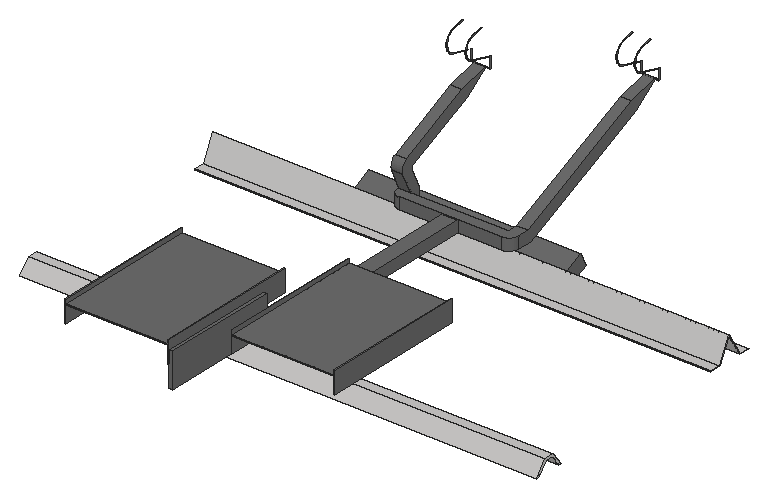
Revit family "Site_Accessories-Bike_Ovella-Systems-Oy_Compact_N", category Specialty Equipment, host Face, Revit 2023
Family settings
  Host = Face
  Round Connector Dimension = Use Diameter
  Part Type = Normal
  OmniClass Number = 23.11.29.11.11
  OmniClass Title = Bicycle Racks
  Enable Cutting in Views = Yes
  Cut with Voids When Loaded = No
  Maintain Annotation Orientation = No
  Shared = No
  Room Calculation Point = No
Parameters (values of type "Compact")
  z_Real Count [instance] = if(Count < 2, 2, Count)  # 2
  z_Length [instance] = if(Count > 1, (z_Real Count * Length) + ((z_Real Count - 1) * Distance) + 300 mm, Length + ((z_Real Count - 1) * Distance) + 300 mm)  # 795 mm
  z_Count Array [instance] = if(Count > 1, 1 = 1, 1 = 2)  # no
  z_Count 1 [instance] = if(Count < 2, 1 = 1, 1 = 2)  # yes
  Width = 275 mm  # constant formula
  Version = 1
  URL = "https://www.ovella.fi"
  Product data url = ""
  Product Page URL = "https://www.ovella.fi/compact"
  Product Material = Ovella Systems Oy - Metal - Steel - Black
  Model = "Compact"  # constant formula
  Manufacturer = "Ovella Systems Oy"  # constant formula
  Length = 450 mm  # constant formula
  Height = 1125 mm  # constant formula
  Distance = 45 mm  # constant formula
  Default Elevation = 580 mm
  Date Updated = ""
  Date Created = "2025/12/05"  # constant formula
  Count [instance] = 1
  Clearance [instance] = no
Reference planes
  plane 1: y = 0
  plane 2: z = 0
  plane 3 "Center (Left/Right)": x = 0
  plane 4: x = 270
  plane 5: y = 1300
  plane 6: x = 225
  plane 7: x = -225
  plane 8: x = -525
  plane 9: x = 570
  plane 10: z = 1200
  plane 11: y = 2062.638
  plane 12 "Center (Front/Back)": y = 580.096
Forms (mm)
  Extrusion 1, solid, material "Ovella Systems Oy - Metal - Steel"
    sketch origin (0, 0, 0) x (0, 1, 0) y (0, 0, 1)
      loop
        line (858.908, 27.452) -> (837.452, 0) -> (843.798, 0) -> (861.346, 22.452) -> (878.654, 22.452) -> (896.202, 0) -> (902.548, 0) -> (881.092, 27.452) -> (858.908, 27.452)
      loop
        line (1347.238, 49.603) -> (1323.177, 1) -> (1300, 1) -> (1300, 0) -> (1323.798, 0) -> (1347.328, 47.53) -> (1376.202, 0) -> (1399, 0) -> (1399, 1) -> (1376.764, 1) -> (1347.238, 49.603)
    from -525 to 570
  Extrusion 2, solid, material "Clearance", visible <- "Clearance"
    sketch origin (0, 0, 0) x (1, 0, 0) y (0, 0, 1)
      loop
        line (570, 0) -> (570, 1200) -> (-525, 1200) -> (-525, 0) -> (570, 0)
    from -2062.638 to 0
Lines and regions (mm)
  symbolic lines, style "Clearance", visible <- "Clearance"
    curve 1: line (570, 0, 1200) -> (-525, 0, 1200)
    curve 2: line (-525, 0, 1200) -> (-525, 0, 0)
    curve 3: line (-525, 0, 0) -> (570, 0, 0)
    curve 4: line (570, 0, 0) -> (570, 0, 1200)
Dimensions and locks
  locked: plane 1 to plane 5 at 1300  (x2)
  locked: plane 3 "Center (Left/Right)" to plane 6 at 225
  "Distance": plane 6 to plane 4
  locked: plane 7 to plane 3 "Center (Left/Right)" at 225
  locked: plane 8 to plane 7 at 300
  "z_Length": plane 7 to plane 9
  group 1 to group 2 = 495 mm
  group 1 to group 2 = 0 mm  (x2)
  locked: plane 10 to level at 1200
  locked: plane 1 to plane 11 at 2062.638
  locked: plane 12 "Center (Front/Back)" to plane 5 at 719.904
  aligned and locked: host face to plane 2
  aligned and locked: host face to level
  aligned and locked: Extrusion 1 to plane 8
  aligned and locked: plane 9 to Extrusion 1
  aligned and locked: nested 1 to plane 3 "Center (Left/Right)"
  aligned and locked: plane 4 to nested 2
  aligned and locked: Extrusion 2 sketch curve to plane 8
  aligned and locked: plane 9 to Extrusion 2 sketch curve
  aligned and locked: plane 10 to Extrusion 2 sketch curve
  aligned and locked: plane 1 to Extrusion 2
  aligned and locked: Extrusion 2 to plane 11
  aligned and locked: Extrusion 2 sketch curve to level
  aligned and locked: nested 3 to plane 3 "Center (Left/Right)"
Automatic sketch dimensions
  host sketch curve to host sketch curve = 3027.677 mm
  host sketch curve to host sketch curve = 1800 mm
  Extrusion 1 sketch curve to level = 0 mm  (x4)
  Extrusion 1 sketch curve to plane 5 = 0 mm
  Extrusion 1 sketch curve to Extrusion 1 sketch curve = 397.452 mm
  Extrusion 1 sketch curve to Extrusion 1 sketch curve = 6.346 mm  (x2)
  Extrusion 1 sketch curve to Extrusion 1 sketch curve = 15.11 mm
  Extrusion 1 sketch curve to Extrusion 1 sketch curve = 2.438 mm  (x2)
  level to Extrusion 1 sketch curve = 22.452 mm
  Extrusion 1 sketch curve to Extrusion 1 sketch curve = 17.308 mm
  level to Extrusion 1 sketch curve = 27.452 mm
  Extrusion 1 sketch curve to Extrusion 1 sketch curve = 17.548 mm
  level to Extrusion 1 sketch curve = 1 mm  (x2)
  Extrusion 1 sketch curve to plane 5 = 23.177 mm
  Extrusion 1 sketch curve to Extrusion 1 sketch curve = 0.621 mm
  Extrusion 1 sketch curve to plane 5 = 47.238 mm
  Extrusion 1 sketch curve to Extrusion 1 sketch curve = 0.089 mm
  Extrusion 1 sketch curve to Extrusion 1 sketch curve = 52.404 mm
  Extrusion 1 sketch curve to Extrusion 1 sketch curve = 0.563 mm
  Extrusion 1 sketch curve to Extrusion 1 sketch curve = 22.236 mm
  level to Extrusion 1 sketch curve = 47.53 mm
  Extrusion 1 sketch curve to Extrusion 1 sketch curve = 2.073 mm
  curve 1 to plane 8 = 0 mm
  curve 1 to plane 9 = 0 mm
  curve 2 to level = 0 mm
  curve 2 to curve 2 = 1200 mm
Nested families
  nested 1: "Compact_1" at (157.877, 580.096, 0) x (0, 0, 1) z (0, 1, 0), visible <- "z_Count Array", type "Compact_1"
  nested 2: "Compact_1" at (652.877, 580.096, 0) x (0, 0, 1) z (0, 1, 0), visible <- "z_Count Array", type "Compact_1"
  nested 3: "Compact_1" at (157.877, 580.096, 0) x (0, 0, 1) z (0, 1, 0), visible <- "z_Count 1", type "Compact_1"
Definition of nested family "Compact_1"
  Parameters (values of type "Compact_1")
    Material = none
    Default Elevation = 1219.2 mm
  Reference planes
    plane 1 "Center (Front/Back)": y = 0
    plane 2: z = 0
    plane 3 "Center (Left/Right)": x = 0
    plane 4: y = -157.877
    plane 5: y = -382.877
    plane 6: y = 67.123
  Forms (mm)
    Extrusion 1, solid, material <- "Material", detail levels fine
      sketch origin (0, 0, 0) x (1, 0, 0) y (0, 0, 1)
        loop
          line (83.702, 463.235) -> (83.702, 154.412) -> (129.135, 154.412) -> (129.135, 463.235) -> (83.702, 463.235)
      from -67.123 to 153.465
    Extrusion 2, solid, material <- "Material", detail levels fine
      sketch origin (0, 0, 0) x (1, 0, 0) y (0, 0, 1)
        loop
          line (129.135, 308.824) -> (129.135, 0) -> (174.567, 0) -> (174.567, 308.824) -> (129.135, 308.824)
      from 162.288 to 382.877
    Extrusion 3, solid, material <- "Material", not visible
      sketch origin (0, 0, 0) x (1, 0, 0) y (0, 0, 1)
        loop
          line (22.452, 298.558) -> (22.452, 281.25) -> (0, 263.702) -> (0, 257.356) -> (27.452, 278.812) -> (27.452, 300.996) -> (0, 322.452) -> (0, 316.106) -> (22.452, 298.558)
      from -67.123 to 382.877
    Extrusion 4, solid, material <- "Material", not visible
      sketch origin (0, 0, 0) x (1, 0, 0) y (0, 0, 1)
        loop
          line (47.53, 767.231) -> (0, 743.702) -> (0, 719.904) -> (1, 719.904) -> (1, 743.081) -> (49.603, 767.142) -> (1, 796.668) -> (1, 818.904) -> (0, 818.904) -> (0, 796.106) -> (47.53, 767.231)
      from -67.123 to 382.877
    Extrusion 5, solid, material <- "Material", detail levels fine
      sketch origin (0, 0, 0) x (1, 0, 0) y (0, 0, 1)
        loop
          line (83.702, 765.734) -> (126.258, 746.341)
          arc (126.258, 746.341) -> (141.151, 745.82) -> (152.05, 755.984) r 19.471
          line (152.05, 755.984) -> (218.996, 902.883) -> (235.084, 966.877) -> (198.365, 915) -> (133.545, 772.764)
          arc (133.545, 772.764) -> (129.781, 769.254) -> (124.638, 769.434) r 6.724
          line (124.638, 769.434) -> (83.702, 788.089) -> (83.702, 765.734)
      from 262.02 to 285.818
    Extrusion 6, solid, material <- "Material", detail levels fine
      sketch origin (0, 0, 0) x (1, 0, 0) y (0, 0, 1)
        loop
          line (83.702, 788.602) -> (208.409, 1062.247) -> (224.496, 1126.242) -> (186.754, 1072.116) -> (59.904, 793.77) -> (59.904, 776.923) -> (83.702, 776.923) -> (83.702, 788.602)
      from 29.935 to 53.733
    Extrusion 7, solid, material <- "Material", detail levels fine
      sketch origin (0, 0, 0) x (0, 1, 0) y (0, 0, 1)
        loop
          line (-29.935, 788.12) -> (-53.733, 788.12) -> (-53.733, 765.721) -> (-262.02, 765.721) -> (-262.02, 788.12) -> (-285.818, 788.12) -> (-285.818, 761.923)
          arc (-285.818, 761.923) -> (-279.96, 747.781) -> (-265.818, 741.923) r 20
          line (-265.818, 741.923) -> (-49.935, 741.923)
          arc (-49.935, 741.923) -> (-35.793, 747.781) -> (-29.935, 761.923) r 20
          line (-29.935, 761.923) -> (-29.935, 788.12)
      from 59.904 to 83.702
    Extrusion 8, solid, material <- "Material"
      sketch origin (0, 0, 0) x (0, 1, 0) y (0, 0, 1)
        loop
          line (-174.102, 741.923) -> (-174.102, 281.25) -> (-141.651, 281.25) -> (-141.651, 741.923) -> (-174.102, 741.923)
      from 59.904 to 83.702
    Extrusion 9, solid, material <- "Material"
      sketch origin (0, 0, 0) x (1, 0, 0) y (0, 0, 1)
        loop
          line (27.452, 298.558) -> (27.452, 281.25) -> (83.702, 281.25) -> (83.702, 298.558) -> (27.452, 298.558)
      from 141.651 to 174.102
    Extrusion 10, solid, material <- "Material"
      sketch origin (0, 0, 0) x (1, 0, 0) y (0, 0, 1)
        loop
          line (21.004, 784.516) -> (47.953, 768.145) -> (65.635, 806.346) -> (36.105, 819.804) -> (21.004, 784.516)
      from -67.123 to 382.877
    Extrusion 11, solid, material <- "Material"
      sketch origin (0, 0, 0) x (1, 0, 0) y (0, 1, 0)
        loop
          line (156.501, -153.465) -> (83.702, -153.465) -> (83.702, -162.288) -> (156.501, -162.288) -> (156.501, -153.465)
      from 0 to 250
    Extrusion 12, solid, material <- "Material", detail levels fine
      sketch origin (0, 0, 0.242) x (1, 0, 0) y (0, 0, 1)
        loop
          line (224.184, 1125) -> (245.819, 1125) -> (257.922, 1078.493)
          arc (257.922, 1078.493) -> (281.808, 1060.249) -> (305.263, 1079.044) r 24.388
          line (305.263, 1079.044) -> (310.777, 1102.456) -> (309.749, 1102.456) -> (304.289, 1079.274)
          arc (304.289, 1079.274) -> (281.796, 1061.249) -> (258.89, 1078.745) r 23.388
          line (258.89, 1078.745) -> (246.592, 1126) -> (224.184, 1126) -> (224.184, 1125)
      from 60.5 to 61.488
    Extrusion 13, solid, material <- "Material", detail levels fine
      sketch origin (0, -83.669, 0.242) x (1, 0, 0) y (0, 0, -1)
        loop
          line (224.184, -1125) -> (224.184, -1126) -> (246.592, -1126) -> (258.89, -1078.745)
          arc (258.89, -1078.745) -> (281.796, -1061.249) -> (304.289, -1079.274) r 23.388
          line (304.289, -1079.274) -> (309.749, -1102.456) -> (310.777, -1102.456) -> (305.263, -1079.044)
          arc (305.263, -1079.044) -> (281.808, -1060.249) -> (257.922, -1078.493) r 24.388
          line (257.922, -1078.493) -> (245.819, -1125) -> (224.184, -1125)
      from 60.5 to 61.488
    Extrusion 14, solid, material <- "Material", detail levels fine
      sketch origin (0, 0, 0) x (0, 1, 0) y (0, 0, 1)
        loop
          line (-22.18, 1125.242) -> (-22.18, 1126.242) -> (-61.488, 1126.242) -> (-61.488, 1125.242) -> (-22.18, 1125.242)
      from 224.184 to 223.2
    Extrusion 15, solid, material <- "Material", detail levels fine
      sketch origin (11.176, -233.073, -159.123) x (1, 0, 0) y (0, 0, 1)
        loop
          line (224.184, 1125) -> (245.819, 1125) -> (257.922, 1078.493)
          arc (257.922, 1078.493) -> (281.808, 1060.249) -> (305.263, 1079.044) r 24.388
          line (305.263, 1079.044) -> (310.777, 1102.456) -> (309.749, 1102.456) -> (304.289, 1079.274)
          arc (304.289, 1079.274) -> (281.796, 1061.249) -> (258.89, 1078.745) r 23.388
          line (258.89, 1078.745) -> (246.592, 1126) -> (224.184, 1126) -> (224.184, 1125)
      from 60.5 to 61.488
    Extrusion 16, solid, material <- "Material", detail levels fine
      sketch origin (11.176, -233.073, -159.364) x (0, 1, 0) y (0, 0, 1)
        loop
          line (-20.204, 1125.242) -> (-20.204, 1126.242) -> (-61.488, 1126.242) -> (-61.488, 1125.242) -> (-20.204, 1125.242)
      from 224.184 to 223.2
    Extrusion 17, solid, material <- "Material", detail levels fine
      sketch origin (11.176, -314.765, -159.123) x (1, 0, 0) y (0, 0, -1)
        loop
          line (224.184, -1125) -> (224.184, -1126) -> (246.592, -1126) -> (258.89, -1078.745)
          arc (258.89, -1078.745) -> (281.796, -1061.249) -> (304.289, -1079.274) r 23.388
          line (304.289, -1079.274) -> (309.749, -1102.456) -> (310.777, -1102.456) -> (305.263, -1079.044)
          arc (305.263, -1079.044) -> (281.808, -1060.249) -> (257.922, -1078.493) r 24.388
          line (257.922, -1078.493) -> (245.819, -1125) -> (224.184, -1125)
      from 60.5 to 61.488
    Extrusion 18, void
      sketch origin (0, 0, 0) x (1, 0, 0) y (0, 1, 0)
        loop
          line (114.567, -380.877) -> (164.567, -380.877) -> (164.567, -164.288) -> (114.567, -164.288) -> (114.567, -380.877)
        loop
          line (166.567, -380.877) -> (184.567, -380.877) -> (184.567, -164.288) -> (166.567, -164.288) -> (166.567, -380.877)
        loop
          line (69.135, -151.465) -> (119.135, -151.465) -> (119.135, 65.123) -> (69.135, 65.123) -> (69.135, -151.465)
        loop
          line (121.135, -151.465) -> (139.135, -151.465) -> (139.135, 65.123) -> (121.135, 65.123) -> (121.135, -151.465)
      from 0 to 477.055
    Extrusion 19, solid, material <- "Material", detail levels coarse+medium
      sketch origin (0, 0, 0) x (1, 0, 0) y (0, 1, 0)
        loop
          line (129.135, -382.877) -> (174.567, -382.877) -> (174.567, -162.288) -> (129.135, -162.288) -> (129.135, -382.877)
      from 0 to 308.824
    Extrusion 20, solid, material <- "Material", detail levels coarse+medium
      sketch origin (0, 0, 0) x (1, 0, 0) y (0, 1, 0)
        loop
          line (83.702, -153.465) -> (129.135, -153.465) -> (129.135, 67.123) -> (83.702, 67.123) -> (83.702, -153.465)
      from 154.412 to 463.235
    Extrusion 21, solid, material <- "Material", detail levels coarse+medium
      sketch origin (0, 0, 0) x (0, 1, 0) y (0, 0, 1)
        loop
          line (-29.935, 788.12) -> (-53.733, 788.12) -> (-53.733, 765.721) -> (-262.02, 765.721) -> (-262.02, 788.12) -> (-285.818, 788.12) -> (-285.818, 741.923) -> (-29.935, 741.923) -> (-29.935, 788.12)
      from 59.904 to 83.702
    Extrusion 22, solid, material <- "Material", detail levels coarse+medium
      sketch origin (0, 0, 0) x (1, 0, 0) y (0, 0, 1)
        loop
          line (83.702, 765.734) -> (143.976, 738.266) -> (245.911, 961.943) -> (224.256, 971.812) -> (130.756, 766.645) -> (83.702, 788.089) -> (83.702, 765.734)
      from 262.02 to 285.818
    Extrusion 23, solid, material <- "Material", detail levels coarse+medium
      sketch origin (0, 0, 0) x (1, 0, 0) y (0, 0, 1)
        loop
          line (83.702, 788.602) -> (235.324, 1121.307) -> (213.669, 1131.176) -> (59.904, 793.77) -> (59.904, 776.923) -> (83.702, 776.923) -> (83.702, 788.602)
      from 29.935 to 53.733
    Extrusion 24, solid, material <- "Material", detail levels coarse+medium
      sketch origin (0, 0, -0.156) x (1, 0, 0) y (0, 0, 1)
        loop
          line (223.2, 1126.242) -> (223.2, 1125.242) -> (245.819, 1125.242) -> (262.67, 1060.491) -> (300.836, 1060.491) -> (310.777, 1102.698) -> (309.749, 1102.698) -> (300.044, 1061.49) -> (263.443, 1061.49) -> (246.592, 1126.242) -> (223.2, 1126.242)
      from 22.18 to 23.169
    Extrusion 25, solid, material <- "Material", detail levels coarse+medium
      sketch origin (0, -83.669, -0.156) x (1, 0, 0) y (0, 0, -1)
        loop
          line (223.2, -1126.242) -> (246.592, -1126.242) -> (263.443, -1061.49) -> (300.044, -1061.49) -> (309.749, -1102.698) -> (310.777, -1102.698) -> (300.836, -1060.491) -> (262.67, -1060.491) -> (245.819, -1125.242) -> (223.2, -1125.242) -> (223.2, -1126.242)
      from 22.18 to 23.169
    Extrusion 26, solid, material <- "Material", detail levels coarse+medium
      sketch origin (0, 0, -0.156) x (0, 1, 0) y (0, 0, 1)
        loop
          line (-22.18, 1125.242) -> (-22.18, 1126.242) -> (-61.488, 1126.242) -> (-61.488, 1125.242) -> (-22.18, 1125.242)
      from 224.184 to 223.2
    Extrusion 27, solid, material <- "Material", detail levels coarse+medium
      sketch origin (11.176, -316.741, -160.001) x (1, 0, 0) y (0, 0, -1)
        loop
          line (223.2, -1126.242) -> (246.592, -1126.242) -> (263.443, -1061.49) -> (300.044, -1061.49) -> (309.749, -1102.698) -> (310.777, -1102.698) -> (300.836, -1060.491) -> (262.67, -1060.491) -> (245.819, -1125.242) -> (223.2, -1125.242) -> (223.2, -1126.242)
      from 22.18 to 23.169
    Extrusion 28, solid, material <- "Material", detail levels coarse+medium
      sketch origin (11.176, -231.096, -160.001) x (1, 0, 0) y (0, 0, 1)
        loop
          line (223.2, 1126.242) -> (223.2, 1125.242) -> (245.819, 1125.242) -> (262.67, 1060.491) -> (300.836, 1060.491) -> (310.777, 1102.698) -> (309.749, 1102.698) -> (300.044, 1061.49) -> (263.443, 1061.49) -> (246.592, 1126.242) -> (223.2, 1126.242)
      from 22.18 to 23.169
    Extrusion 29, solid, material <- "Material", detail levels coarse+medium
      sketch origin (11.176, -233.073, -160.001) x (0, 1, 0) y (0, 0, 1)
        loop
          line (-20.204, 1125.242) -> (-20.204, 1126.242) -> (-61.488, 1126.242) -> (-61.488, 1125.242) -> (-20.204, 1125.242)
      from 224.184 to 223.2
  Cuts and joins
    joined: Extrusion 8, Extrusion 9
    joined: Extrusion 5, Extrusion 6, Extrusion 7
    joined: Extrusion 12, Extrusion 13, Extrusion 14
    joined: Extrusion 15, Extrusion 16, Extrusion 17
    Extrusion 18 cuts Extrusion 2
    Extrusion 18 cuts Extrusion 1
    joined: Extrusion 21, Extrusion 22, Extrusion 23, Extrusion 24, Extrusion 25, Extrusion 26, Extrusion 27, Extrusion 28, Extrusion 29
  Lines and regions (mm)
    Masking region 1, detail levels fine
      outline origin (0, 0, 0) x (1, 0, 0) y (0, 1, 0)
        loop
          line (83.702, 67.123) -> (83.702, 65.123) -> (119.135, 65.123) -> (119.135, -151.465) -> (83.702, -151.465) -> (83.702, -153.465) -> (129.135, -153.465) -> (129.135, -151.465) -> (121.135, -151.465) -> (121.135, 65.123) -> (129.135, 65.123) -> (129.135, 67.123) -> (83.702, 67.123)
        loop
          line (129.135, -162.288) -> (129.135, -164.288) -> (164.567, -164.288) -> (164.567, -380.877) -> (129.135, -380.877) -> (129.135, -382.877) -> (174.567, -382.877) -> (174.567, -380.877) -> (166.567, -380.877) -> (166.567, -164.288) -> (174.567, -164.288) -> (174.567, -162.288) -> (129.135, -162.288)
    Masking region 2
      outline origin (0, 0, 0) x (1, 0, 0) y (0, 1, 0)
        loop
          line (223.2, -22.18) -> (223.2, -61.488) -> (310.777, -61.488) -> (310.777, -60.5) -> (224.184, -60.5) -> (224.184, -23.169) -> (310.777, -23.169) -> (310.777, -22.18) -> (223.2, -22.18)
        loop
          line (234.376, -253.276) -> (234.376, -292.584) -> (321.953, -292.584) -> (321.953, -291.596) -> (235.36, -291.596) -> (235.36, -254.265) -> (321.953, -254.265) -> (321.953, -253.276) -> (234.376, -253.276)
        loop
          line (21.004, 67.123) -> (21.004, -382.877) -> (65.635, -382.877) -> (65.635, 67.123) -> (21.004, 67.123)
        loop
          line (156.501, -162.288) -> (156.501, -153.465) -> (83.702, -153.465) -> (83.702, -162.288) -> (156.501, -162.288)
    Masking region 3
      outline origin (0, 0, 0) x (1, 0, 0) y (0, 1, 0)
        loop
          line (83.702, -53.733) -> (65.635, -53.733) -> (65.635, -262.02) -> (83.702, -262.02) -> (83.702, -53.733)
    Masking region 4, detail levels coarse+medium
      outline origin (0, 0, 0) x (1, 0, 0) y (0, 1, 0)
        loop
          line (83.702, 67.123) -> (83.702, -153.465) -> (129.135, -153.465) -> (129.135, 67.123) -> (83.702, 67.123)
        loop
          line (129.135, -162.288) -> (129.135, -382.877) -> (174.567, -382.877) -> (174.567, -162.288) -> (129.135, -162.288)
    Masking region 5, detail levels fine
      outline origin (0, 0, 0) x (1, 0, 0) y (0, 1, 0)
        loop
          line (223.2, -29.935) -> (65.635, -29.935) -> (65.635, -53.733) -> (223.2, -53.733) -> (223.2, -29.935)
        loop
          line (234.376, -262.02) -> (65.635, -262.02) -> (65.635, -285.818) -> (234.376, -285.818) -> (234.376, -262.02)
    Masking region 6
      outline origin (0, 0, 0) x (1, 0, 0) y (0, 1, 0)
        loop
          line (235.324, -29.935) -> (224.184, -29.935) -> (224.184, -53.733) -> (235.324, -53.733) -> (235.324, -29.935)
        loop
          line (65.635, -53.733) -> (223.2, -53.733) -> (223.2, -29.935) -> (65.635, -29.935) -> (65.635, -53.733)
        loop
          line (245.911, -262.02) -> (235.36, -262.02) -> (235.36, -285.818) -> (245.911, -285.818) -> (245.911, -262.02)
        loop
          line (65.635, -285.818) -> (234.376, -285.818) -> (234.376, -262.02) -> (65.635, -262.02) -> (65.635, -285.818)
  Dimensions and locks
    aligned and locked: level to plane 2
  Automatic sketch dimensions
    plane 3 "Center (Left/Right)" to Extrusion 1 sketch curve = 83.702 mm
    Extrusion 1 sketch curve to Extrusion 1 sketch curve = 45.433 mm
    level to Extrusion 1 sketch curve = 154.412 mm
    Extrusion 1 sketch curve to Extrusion 1 sketch curve = 308.824 mm
    Extrusion 2 sketch curve to level = 0 mm
    plane 3 "Center (Left/Right)" to Extrusion 2 sketch curve = 129.135 mm
    Extrusion 2 sketch curve to Extrusion 2 sketch curve = 45.433 mm
    level to Extrusion 2 sketch curve = 308.824 mm
    Extrusion 3 sketch curve to plane 3 "Center (Left/Right)" = 0 mm  (x2)
    plane 3 "Center (Left/Right)" to Extrusion 3 sketch curve = 22.452 mm
    Extrusion 3 sketch curve to Extrusion 3 sketch curve = 5 mm
    level to Extrusion 3 sketch curve = 257.356 mm
    Extrusion 3 sketch curve to Extrusion 3 sketch curve = 6.346 mm  (x2)
    Extrusion 3 sketch curve to Extrusion 3 sketch curve = 15.11 mm
    Extrusion 3 sketch curve to Extrusion 3 sketch curve = 2.438 mm  (x2)
    Extrusion 3 sketch curve to Extrusion 3 sketch curve = 17.308 mm
    Extrusion 3 sketch curve to Extrusion 3 sketch curve = 17.548 mm
    Extrusion 4 sketch curve to plane 3 "Center (Left/Right)" = 0 mm  (x2)
    plane 3 "Center (Left/Right)" to Extrusion 4 sketch curve = 1 mm  (x2)
    plane 3 "Center (Left/Right)" to Extrusion 4 sketch curve = 47.53 mm
    Extrusion 4 sketch curve to Extrusion 4 sketch curve = 2.073 mm
    level to Extrusion 4 sketch curve = 719.904 mm
    Extrusion 4 sketch curve to Extrusion 4 sketch curve = 23.177 mm
    Extrusion 4 sketch curve to Extrusion 4 sketch curve = 0.621 mm
    Extrusion 4 sketch curve to Extrusion 4 sketch curve = 24.061 mm
    Extrusion 4 sketch curve to Extrusion 4 sketch curve = 0.089 mm
    Extrusion 4 sketch curve to Extrusion 4 sketch curve = 52.404 mm
    Extrusion 4 sketch curve to Extrusion 4 sketch curve = 0.563 mm
    Extrusion 4 sketch curve to Extrusion 4 sketch curve = 22.236 mm
    plane 3 "Center (Left/Right)" to Extrusion 5 sketch curve = 83.702 mm
    Extrusion 5 sketch curve to Extrusion 5 sketch curve = 40.936 mm
    Extrusion 5 sketch curve to Extrusion 5 sketch curve = 1.62 mm
    Extrusion 5 sketch curve to Extrusion 5 sketch curve = 2.788 mm
    Extrusion 5 sketch curve to Extrusion 5 sketch curve = 6.119 mm
    Extrusion 5 sketch curve to Extrusion 5 sketch curve = 0.788 mm
    Extrusion 5 sketch curve to Extrusion 5 sketch curve = 17.718 mm
    Extrusion 5 sketch curve to Extrusion 5 sketch curve = 64.821 mm
    Extrusion 5 sketch curve to Extrusion 5 sketch curve = 20.631 mm
    Extrusion 5 sketch curve to Extrusion 5 sketch curve = 36.718 mm
    level to Extrusion 5 sketch curve = 746.341 mm
    Extrusion 5 sketch curve to Extrusion 5 sketch curve = 9.643 mm
    Extrusion 5 sketch curve to Extrusion 5 sketch curve = 19.394 mm
    Extrusion 5 sketch curve to Extrusion 5 sketch curve = 5.375 mm
    Extrusion 5 sketch curve to Extrusion 5 sketch curve = 8.705 mm
    Extrusion 5 sketch curve to Extrusion 5 sketch curve = 12.117 mm
    Extrusion 5 sketch curve to Extrusion 5 sketch curve = 51.878 mm
    plane 3 "Center (Left/Right)" to Extrusion 6 sketch curve = 59.904 mm
    Extrusion 6 sketch curve to Extrusion 6 sketch curve = 23.798 mm
    plane 3 "Center (Left/Right)" to Extrusion 6 sketch curve = 186.754 mm
    Extrusion 6 sketch curve to Extrusion 6 sketch curve = 21.655 mm
    Extrusion 6 sketch curve to Extrusion 6 sketch curve = 37.743 mm
    level to Extrusion 6 sketch curve = 776.923 mm
    Extrusion 6 sketch curve to Extrusion 6 sketch curve = 11.68 mm
    Extrusion 6 sketch curve to Extrusion 6 sketch curve = 16.847 mm
    Extrusion 6 sketch curve to Extrusion 6 sketch curve = 273.645 mm
    Extrusion 6 sketch curve to Extrusion 6 sketch curve = 9.869 mm
    Extrusion 6 sketch curve to Extrusion 6 sketch curve = 54.126 mm
    plane 1 "Center (Front/Back)" to Extrusion 7 sketch curve = 285.818 mm
    Extrusion 7 sketch curve to Extrusion 7 sketch curve = 20 mm  (x2)
    Extrusion 7 sketch curve to Extrusion 7 sketch curve = 3.798 mm  (x3)
    plane 1 "Center (Front/Back)" to Extrusion 7 sketch curve = 53.733 mm
    level to Extrusion 7 sketch curve = 741.923 mm
    Extrusion 7 sketch curve to Extrusion 7 sketch curve = 26.198 mm
    Extrusion 7 sketch curve to Extrusion 7 sketch curve = 22.4 mm
    plane 1 "Center (Front/Back)" to Extrusion 8 sketch curve = 174.102 mm
    Extrusion 8 sketch curve to Extrusion 8 sketch curve = 32.452 mm
    level to Extrusion 8 sketch curve = 281.25 mm
    Extrusion 8 sketch curve to Extrusion 8 sketch curve = 460.673 mm
    plane 3 "Center (Left/Right)" to Extrusion 9 sketch curve = 27.452 mm
    Extrusion 9 sketch curve to Extrusion 9 sketch curve = 56.25 mm
    level to Extrusion 9 sketch curve = 281.25 mm
    Extrusion 9 sketch curve to Extrusion 9 sketch curve = 17.308 mm
    plane 3 "Center (Left/Right)" to Extrusion 10 sketch curve = 21.004 mm
    plane 3 "Center (Left/Right)" to Extrusion 10 sketch curve = 36.105 mm
    Extrusion 10 sketch curve to Extrusion 10 sketch curve = 26.948 mm
    Extrusion 10 sketch curve to Extrusion 10 sketch curve = 29.53 mm
    level to Extrusion 10 sketch curve = 768.145 mm
    Extrusion 10 sketch curve to Extrusion 10 sketch curve = 16.371 mm
    Extrusion 10 sketch curve to Extrusion 10 sketch curve = 38.201 mm
    Extrusion 10 sketch curve to Extrusion 10 sketch curve = 13.458 mm
    plane 3 "Center (Left/Right)" to Extrusion 11 sketch curve = 83.702 mm
    Extrusion 11 sketch curve to Extrusion 11 sketch curve = 72.799 mm
    plane 1 "Center (Front/Back)" to Extrusion 11 sketch curve = 162.288 mm
    Extrusion 11 sketch curve to Extrusion 11 sketch curve = 8.824 mm
    Extrusion 12 sketch curve to Extrusion 12 sketch curve = 0 mm  (x2)
    plane 3 "Center (Left/Right)" to Extrusion 12 sketch curve = 224.184 mm
    Extrusion 12 sketch curve to Extrusion 12 sketch curve = 21.635 mm
    Extrusion 12 sketch curve to Extrusion 12 sketch curve = 0.773 mm
    Extrusion 12 sketch curve to Extrusion 12 sketch curve = 12.103 mm
    Extrusion 12 sketch curve to Extrusion 12 sketch curve = 0.968 mm
    Extrusion 12 sketch curve to Extrusion 12 sketch curve = 22.634 mm
    Extrusion 12 sketch curve to Extrusion 12 sketch curve = 22.765 mm
    Extrusion 12 sketch curve to Extrusion 12 sketch curve = 0.973 mm
    Extrusion 12 sketch curve to Extrusion 12 sketch curve = 5.46 mm
    Extrusion 12 sketch curve to Extrusion 12 sketch curve = 1.027 mm
    level to Extrusion 12 sketch curve = 1078.735 mm
    Extrusion 12 sketch curve to Extrusion 12 sketch curve = 0.252 mm
    Extrusion 13 sketch curve to Extrusion 13 sketch curve = 0 mm  (x2)
    plane 3 "Center (Left/Right)" to Extrusion 13 sketch curve = 224.184 mm
    Extrusion 13 sketch curve to Extrusion 13 sketch curve = 21.635 mm
    Extrusion 13 sketch curve to Extrusion 13 sketch curve = 0.773 mm
    Extrusion 13 sketch curve to Extrusion 13 sketch curve = 12.103 mm
    Extrusion 13 sketch curve to Extrusion 13 sketch curve = 0.968 mm
    Extrusion 13 sketch curve to Extrusion 13 sketch curve = 22.634 mm
    Extrusion 13 sketch curve to Extrusion 13 sketch curve = 22.765 mm
    Extrusion 13 sketch curve to Extrusion 13 sketch curve = 0.973 mm
    Extrusion 13 sketch curve to Extrusion 13 sketch curve = 5.46 mm
    Extrusion 13 sketch curve to Extrusion 13 sketch curve = 1.027 mm
    level to Extrusion 13 sketch curve = 1126.242 mm
    Extrusion 13 sketch curve to Extrusion 13 sketch curve = 1 mm
    plane 1 "Center (Front/Back)" to Extrusion 14 sketch curve = 61.488 mm
    plane 1 "Center (Front/Back)" to Extrusion 14 sketch curve = 22.18 mm
    level to Extrusion 14 sketch curve = 1125.242 mm
    Extrusion 14 sketch curve to Extrusion 14 sketch curve = 1 mm
    Extrusion 15 sketch curve to Extrusion 15 sketch curve = 0 mm  (x2)
    plane 3 "Center (Left/Right)" to Extrusion 15 sketch curve = 235.36 mm
    Extrusion 15 sketch curve to Extrusion 15 sketch curve = 21.635 mm
    Extrusion 15 sketch curve to Extrusion 15 sketch curve = 0.773 mm
    Extrusion 15 sketch curve to Extrusion 15 sketch curve = 12.103 mm
    Extrusion 15 sketch curve to Extrusion 15 sketch curve = 0.968 mm
    Extrusion 15 sketch curve to Extrusion 15 sketch curve = 22.634 mm
    Extrusion 15 sketch curve to Extrusion 15 sketch curve = 22.765 mm
    Extrusion 15 sketch curve to Extrusion 15 sketch curve = 0.973 mm
    Extrusion 15 sketch curve to Extrusion 15 sketch curve = 5.46 mm
    Extrusion 15 sketch curve to Extrusion 15 sketch curve = 1.027 mm
    level to Extrusion 15 sketch curve = 919.37 mm
    Extrusion 15 sketch curve to Extrusion 15 sketch curve = 0.252 mm
    plane 1 "Center (Front/Back)" to Extrusion 16 sketch curve = 294.561 mm
    Extrusion 16 sketch curve to Extrusion 16 sketch curve = 41.285 mm
    level to Extrusion 16 sketch curve = 965.877 mm
    Extrusion 16 sketch curve to Extrusion 16 sketch curve = 1 mm
    Extrusion 17 sketch curve to Extrusion 17 sketch curve = 0 mm  (x2)
    plane 3 "Center (Left/Right)" to Extrusion 17 sketch curve = 235.36 mm
    Extrusion 17 sketch curve to Extrusion 17 sketch curve = 21.635 mm
    Extrusion 17 sketch curve to Extrusion 17 sketch curve = 0.773 mm
    Extrusion 17 sketch curve to Extrusion 17 sketch curve = 12.103 mm
    Extrusion 17 sketch curve to Extrusion 17 sketch curve = 0.968 mm
    Extrusion 17 sketch curve to Extrusion 17 sketch curve = 22.634 mm
    Extrusion 17 sketch curve to Extrusion 17 sketch curve = 22.765 mm
    Extrusion 17 sketch curve to Extrusion 17 sketch curve = 0.973 mm
    Extrusion 17 sketch curve to Extrusion 17 sketch curve = 5.46 mm
    Extrusion 17 sketch curve to Extrusion 17 sketch curve = 1.027 mm
    level to Extrusion 17 sketch curve = 966.877 mm
    Extrusion 17 sketch curve to Extrusion 17 sketch curve = 1 mm
    plane 3 "Center (Left/Right)" to Extrusion 18 sketch curve = 69.135 mm
    Extrusion 18 sketch curve to Extrusion 18 sketch curve = 45.433 mm
    Extrusion 18 sketch curve to Extrusion 18 sketch curve = 4.567 mm
    Extrusion 18 sketch curve to Extrusion 18 sketch curve = 2 mm  (x2)
    Extrusion 18 sketch curve to Extrusion 18 sketch curve = 18 mm  (x2)
    Extrusion 18 sketch curve to Extrusion 18 sketch curve = 25.433 mm
    plane 1 "Center (Front/Back)" to Extrusion 18 sketch curve = 380.877 mm
    Extrusion 18 sketch curve to Extrusion 18 sketch curve = 0 mm  (x4)
    plane 1 "Center (Front/Back)" to Extrusion 18 sketch curve = 164.288 mm
    Extrusion 18 sketch curve to Extrusion 18 sketch curve = 12.824 mm
    Extrusion 18 sketch curve to plane 1 "Center (Front/Back)" = 65.123 mm
    plane 3 "Center (Left/Right)" to Extrusion 19 sketch curve = 129.135 mm
    Extrusion 19 sketch curve to Extrusion 19 sketch curve = 45.433 mm
    plane 1 "Center (Front/Back)" to Extrusion 19 sketch curve = 382.877 mm
    plane 1 "Center (Front/Back)" to Extrusion 19 sketch curve = 162.288 mm
    plane 3 "Center (Left/Right)" to Extrusion 20 sketch curve = 83.702 mm
    Extrusion 20 sketch curve to Extrusion 20 sketch curve = 45.433 mm
    plane 1 "Center (Front/Back)" to Extrusion 20 sketch curve = 153.465 mm
    Extrusion 20 sketch curve to plane 1 "Center (Front/Back)" = 67.123 mm
    plane 1 "Center (Front/Back)" to Extrusion 21 sketch curve = 285.818 mm
    Extrusion 21 sketch curve to Extrusion 21 sketch curve = 23.798 mm  (x2)
    plane 1 "Center (Front/Back)" to Extrusion 21 sketch curve = 53.733 mm
    plane 1 "Center (Front/Back)" to Extrusion 21 sketch curve = 29.935 mm
    level to Extrusion 21 sketch curve = 741.923 mm
    Extrusion 21 sketch curve to Extrusion 21 sketch curve = 22.4 mm  (x2)
    plane 3 "Center (Left/Right)" to Extrusion 22 sketch curve = 83.702 mm
    Extrusion 22 sketch curve to Extrusion 22 sketch curve = 47.054 mm
    Extrusion 22 sketch curve to Extrusion 22 sketch curve = 13.22 mm
    plane 3 "Center (Left/Right)" to Extrusion 22 sketch curve = 224.256 mm
    Extrusion 22 sketch curve to Extrusion 22 sketch curve = 21.655 mm
    level to Extrusion 22 sketch curve = 738.266 mm
    Extrusion 22 sketch curve to Extrusion 22 sketch curve = 27.468 mm
    plane 3 "Center (Left/Right)" to Extrusion 23 sketch curve = 59.904 mm
    Extrusion 23 sketch curve to Extrusion 23 sketch curve = 23.798 mm
    plane 3 "Center (Left/Right)" to Extrusion 23 sketch curve = 213.669 mm
    Extrusion 23 sketch curve to Extrusion 23 sketch curve = 21.655 mm
    level to Extrusion 23 sketch curve = 776.923 mm
    Extrusion 23 sketch curve to Extrusion 23 sketch curve = 11.68 mm
    Extrusion 23 sketch curve to Extrusion 23 sketch curve = 16.847 mm
    plane 3 "Center (Left/Right)" to Extrusion 24 sketch curve = 223.2 mm
    Extrusion 24 sketch curve to Extrusion 24 sketch curve = 22.619 mm
    Extrusion 24 sketch curve to Extrusion 24 sketch curve = 0.773 mm  (x2)
    Extrusion 24 sketch curve to Extrusion 24 sketch curve = 16.851 mm
    Extrusion 24 sketch curve to Extrusion 24 sketch curve = 36.601 mm
    Extrusion 24 sketch curve to Extrusion 24 sketch curve = 0.792 mm
    Extrusion 24 sketch curve to Extrusion 24 sketch curve = 9.706 mm
    Extrusion 24 sketch curve to Extrusion 24 sketch curve = 1.027 mm
    level to Extrusion 24 sketch curve = 1060.334 mm
    Extrusion 24 sketch curve to Extrusion 24 sketch curve = 1 mm  (x2)
    Extrusion 24 sketch curve to Extrusion 24 sketch curve = 41.207 mm
    Extrusion 24 sketch curve to Extrusion 24 sketch curve = 63.751 mm
    plane 3 "Center (Left/Right)" to Extrusion 25 sketch curve = 223.2 mm
    Extrusion 25 sketch curve to Extrusion 25 sketch curve = 22.619 mm
    Extrusion 25 sketch curve to Extrusion 25 sketch curve = 0.773 mm  (x2)
    Extrusion 25 sketch curve to Extrusion 25 sketch curve = 16.851 mm
    Extrusion 25 sketch curve to Extrusion 25 sketch curve = 36.601 mm
    Extrusion 25 sketch curve to Extrusion 25 sketch curve = 0.792 mm
    Extrusion 25 sketch curve to Extrusion 25 sketch curve = 9.706 mm
    Extrusion 25 sketch curve to Extrusion 25 sketch curve = 1.027 mm
    level to Extrusion 25 sketch curve = 1126.085 mm
    Extrusion 25 sketch curve to Extrusion 25 sketch curve = 1 mm  (x2)
    Extrusion 25 sketch curve to Extrusion 25 sketch curve = 23.544 mm
    Extrusion 25 sketch curve to Extrusion 25 sketch curve = 41.207 mm
    plane 1 "Center (Front/Back)" to Extrusion 26 sketch curve = 61.488 mm
    plane 1 "Center (Front/Back)" to Extrusion 26 sketch curve = 22.18 mm
    level to Extrusion 26 sketch curve = 1125.085 mm
    Extrusion 26 sketch curve to Extrusion 26 sketch curve = 1 mm
    plane 3 "Center (Left/Right)" to Extrusion 27 sketch curve = 234.376 mm
    Extrusion 27 sketch curve to Extrusion 27 sketch curve = 22.619 mm
    Extrusion 27 sketch curve to Extrusion 27 sketch curve = 0.773 mm  (x2)
    Extrusion 27 sketch curve to Extrusion 27 sketch curve = 16.851 mm
    Extrusion 27 sketch curve to Extrusion 27 sketch curve = 36.601 mm
    Extrusion 27 sketch curve to Extrusion 27 sketch curve = 0.792 mm
    Extrusion 27 sketch curve to Extrusion 27 sketch curve = 9.706 mm
    Extrusion 27 sketch curve to Extrusion 27 sketch curve = 1.027 mm
    level to Extrusion 27 sketch curve = 966.24 mm
    Extrusion 27 sketch curve to Extrusion 27 sketch curve = 1 mm  (x2)
    Extrusion 27 sketch curve to Extrusion 27 sketch curve = 23.544 mm
    Extrusion 27 sketch curve to Extrusion 27 sketch curve = 41.207 mm
    plane 3 "Center (Left/Right)" to Extrusion 28 sketch curve = 234.376 mm
    Extrusion 28 sketch curve to Extrusion 28 sketch curve = 22.619 mm
    Extrusion 28 sketch curve to Extrusion 28 sketch curve = 0.773 mm  (x2)
    Extrusion 28 sketch curve to Extrusion 28 sketch curve = 16.851 mm
    Extrusion 28 sketch curve to Extrusion 28 sketch curve = 36.601 mm
    Extrusion 28 sketch curve to Extrusion 28 sketch curve = 0.792 mm
    Extrusion 28 sketch curve to Extrusion 28 sketch curve = 9.706 mm
    Extrusion 28 sketch curve to Extrusion 28 sketch curve = 1.027 mm
    level to Extrusion 28 sketch curve = 900.489 mm
    Extrusion 28 sketch curve to Extrusion 28 sketch curve = 1 mm  (x2)
    Extrusion 28 sketch curve to Extrusion 28 sketch curve = 41.207 mm
    Extrusion 28 sketch curve to Extrusion 28 sketch curve = 63.751 mm
    plane 1 "Center (Front/Back)" to Extrusion 29 sketch curve = 294.561 mm
    Extrusion 29 sketch curve to Extrusion 29 sketch curve = 41.285 mm
    level to Extrusion 29 sketch curve = 965.24 mm
    Extrusion 29 sketch curve to Extrusion 29 sketch curve = 1 mm
    plane 3 "Center (Left/Right)" to Masking region 1 sketch curve = 83.702 mm  (x2)
    Masking region 1 sketch curve to Masking region 1 sketch curve = 35.433 mm  (x2)
    Masking region 1 sketch curve to Masking region 1 sketch curve = 2 mm  (x7)
    Masking region 1 sketch curve to Masking region 1 sketch curve = 8 mm  (x4)
    Masking region 1 sketch curve to Masking region 1 sketch curve = 0 mm  (x4)
    Masking region 1 sketch curve to Masking region 1 sketch curve = 8.824 mm
    Masking region 1 sketch curve to plane 1 "Center (Front/Back)" = 65.123 mm
    plane 3 "Center (Left/Right)" to Masking region 1 sketch curve = 129.135 mm
    plane 1 "Center (Front/Back)" to Masking region 1 sketch curve = 151.465 mm
    Masking region 1 sketch curve to Masking region 1 sketch curve = 216.588 mm
    plane 3 "Center (Left/Right)" to Masking region 2 sketch curve = 21.004 mm
    Masking region 2 sketch curve to Masking region 2 sketch curve = 44.631 mm
    plane 1 "Center (Front/Back)" to Masking region 2 sketch curve = 22.18 mm
    Masking region 2 sketch curve to Masking region 2 sketch curve = 157.565 mm
    Masking region 2 sketch curve to Masking region 2 sketch curve = 0.984 mm  (x2)
    Masking region 2 sketch curve to Masking region 2 sketch curve = 11.176 mm
    Masking region 2 sketch curve to Masking region 2 sketch curve = 86.592 mm  (x2)
    Masking region 2 sketch curve to Masking region 2 sketch curve = 0 mm  (x2)
    Masking region 2 sketch curve to Masking region 2 sketch curve = 0.988 mm  (x4)
    Masking region 2 sketch curve to Masking region 2 sketch curve = 37.331 mm  (x2)
    Masking region 2 sketch curve to Masking region 2 sketch curve = 191.788 mm
    Masking region 2 sketch curve to Masking region 2 sketch curve = 90.292 mm
    Masking region 2 sketch curve to plane 1 "Center (Front/Back)" = 67.123 mm
    plane 3 "Center (Left/Right)" to Masking region 3 sketch curve = 65.635 mm
    Masking region 3 sketch curve to Masking region 3 sketch curve = 18.067 mm
    plane 1 "Center (Front/Back)" to Masking region 3 sketch curve = 262.02 mm
    plane 1 "Center (Front/Back)" to Masking region 3 sketch curve = 53.733 mm
    Masking region 2 sketch curve to Masking region 2 sketch curve = 66.699 mm
    Masking region 2 sketch curve to Masking region 2 sketch curve = 91.976 mm
    Masking region 2 sketch curve to Masking region 2 sketch curve = 72.799 mm
    Masking region 2 sketch curve to Masking region 2 sketch curve = 8.824 mm
    plane 3 "Center (Left/Right)" to Masking region 4 sketch curve = 83.702 mm
    Masking region 4 sketch curve to Masking region 4 sketch curve = 45.433 mm  (x2)
    Masking region 4 sketch curve to Masking region 4 sketch curve = 0 mm
    plane 1 "Center (Front/Back)" to Masking region 4 sketch curve = 382.877 mm
    plane 1 "Center (Front/Back)" to Masking region 4 sketch curve = 162.288 mm
    Masking region 4 sketch curve to Masking region 4 sketch curve = 8.824 mm
    Masking region 4 sketch curve to plane 1 "Center (Front/Back)" = 67.123 mm
    plane 3 "Center (Left/Right)" to Masking region 5 sketch curve = 65.635 mm  (x2)
    plane 1 "Center (Front/Back)" to Masking region 5 sketch curve = 29.935 mm
    Masking region 5 sketch curve to Masking region 5 sketch curve = 157.565 mm
    Masking region 5 sketch curve to Masking region 5 sketch curve = 168.74 mm
    Masking region 5 sketch curve to Masking region 5 sketch curve = 23.798 mm  (x2)
    Masking region 5 sketch curve to Masking region 5 sketch curve = 208.286 mm
    plane 3 "Center (Left/Right)" to Masking region 6 sketch curve = 65.635 mm  (x2)
    plane 1 "Center (Front/Back)" to Masking region 6 sketch curve = 53.733 mm
    Masking region 6 sketch curve to Masking region 6 sketch curve = 157.565 mm
    Masking region 6 sketch curve to Masking region 6 sketch curve = 0.984 mm  (x2)
    Masking region 6 sketch curve to Masking region 6 sketch curve = 168.74 mm
    Masking region 6 sketch curve to Masking region 6 sketch curve = 11.14 mm
    Masking region 6 sketch curve to Masking region 6 sketch curve = 10.551 mm
    Masking region 6 sketch curve to Masking region 6 sketch curve = 0 mm  (x4)
    Masking region 6 sketch curve to Masking region 6 sketch curve = 208.286 mm
    Masking region 6 sketch curve to Masking region 6 sketch curve = 23.798 mm  (x2)
